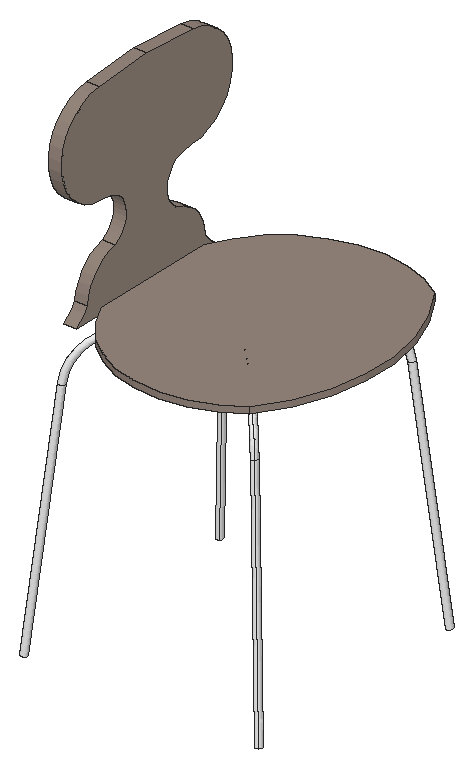
Revit family "Chair 1", category Furniture, Revit 2024
Family settings
  Work Plane-Based = No
  Enable Cutting in Views = No
  Always vertical = Yes
  Cut with Voids When Loaded = No
  Render Appearance Source = Family Geometry
  Shared = No
  Room Calculation Point = No
Parameters
  Keynote = "12600"
  Manufacturer = ""
  Default Elevation = 0 mm
  Bracket Material = Herman Miller - Finish 47 Trivalent Chrome
  Model = ""
  Cushion/Chair Back Material = Herman Miller - Veneer Z5 Maple
Reference planes
  plane 1 "Center F/B": y = -198.997
  plane 2: z = 0
  plane 3 "Center L/R": x = -1.022
Forms (mm)
  Sweep 1, solid, material "Herman Miller - Finish 47 Trivalent Chrome" <- "Bracket Material"
    path origin (61.052, -65.204, 45) x (0, 0, -1) y (0.707107, -0.707107, 0)
      loop
        line (45, -82.843) -> (-332.364, -36.508)
        arc (-332.364, -36.508) -> (-382.531, -10.114) -> (-402.615, 42.895) r 80
        line (-402.615, 42.895) -> (-402.615, 181.322)
    profile origin (18.855, -23.007, 188.682) x (-0.701836, 0.701836, 0.121869) y (-0.707107, -0.707107, 0)
      loop
        circle (0, 0) r 5
  Sweep 2, solid, material "Herman Miller - Finish 47 Trivalent Chrome" <- "Bracket Material"
    path origin (57.516, -325.168, 45) x (0, 0, -1) y (0.707107, 0.707107, 0)
      loop
        line (45, -82.843) -> (-332.364, -36.508)
        arc (-332.364, -36.508) -> (-382.531, -10.114) -> (-402.615, 42.895) r 80
        line (-402.615, 42.895) -> (-402.615, 181.322)
    profile origin (15.319, -367.364, 188.682) x (-0.701836, -0.701836, 0.121869) y (0.707107, -0.707107, 0)
      loop
        circle (0, 0) r 5
  Sweep 3, solid, material "Herman Miller - Finish 47 Trivalent Chrome" <- "Bracket Material"
    path origin (303.338, -65.204, 45) x (0, 0, -1) y (0.707107, 0.707107, 0)
      loop
        line (45, 82.843) -> (-332.364, 36.508)
        arc (-332.364, 36.508) -> (-382.531, 10.114) -> (-402.615, -42.895) r 80
        line (-402.615, -42.895) -> (-402.615, -181.322)
    profile origin (345.535, -23.007, 188.682) x (0.701836, 0.701836, 0.121869) y (-0.707107, 0.707107, 0)
      loop
        circle (0, 0) r 5
  Sweep 4, solid, material "Herman Miller - Finish 47 Trivalent Chrome" <- "Bracket Material"
    path origin (306.873, -325.168, 45) x (0, 0, -1) y (0.707107, -0.707107, 0)
      loop
        line (45, 82.843) -> (-332.364, 36.508)
        arc (-332.364, 36.508) -> (-382.531, 10.114) -> (-402.615, -42.895) r 80
        line (-402.615, -42.895) -> (-402.615, -181.322)
    profile origin (349.07, -367.364, 188.682) x (0.701836, -0.701836, 0.121869) y (0.707107, 0.707107, 0)
      loop
        circle (0, 0) r 5
  Extrusion 5, solid, material "Herman Miller - Veneer Z5 Maple" <- "Cushion/Chair Back Material"
    sketch origin (0, 0, 0) x (1, 0, 0) y (0, 1, 0)
      loop
        arc (340, -9.099) -> (152.776, 17.913) -> (32.728, -128.274) r 192.616
        line (32.728, -128.274) -> (32.728, -249.923)
        arc (32.728, -249.923) -> (152.776, -396.11) -> (340, -369.099) r 192.616
        arc (340, -369.099) -> (400.673, -189.099) -> (340, -9.099) r 297.34
    from 450 to 460
  Extrusion 6, solid, material "Herman Miller - Veneer Z5 Maple" <- "Cushion/Chair Back Material"
    sketch origin (390, -409.099, -27.081) x (0, 0, -1) y (0, 1, 0)
      loop
        arc (-498.809, 95.839) -> (-486.21, 86.065) -> (-477.081, 72.99) r 53.087
        line (-477.081, 72.99) -> (-477.081, 347.212)
        arc (-477.081, 347.212) -> (-486.21, 334.138) -> (-498.809, 324.364) r 53.087
        arc (-498.809, 324.364) -> (-539.073, 308.301) -> (-561.143, 270.989) r 67.175
        arc (-561.143, 270.989) -> (-601.737, 249.17) -> (-634.197, 281.887) r 38.521
        line (-634.197, 281.887) -> (-636.604, 298.938)
        arc (-636.604, 298.938) -> (-714.694, 376.726) -> (-796.127, 302.444) r 79.872
        line (-796.127, 302.444) -> (-802.584, 210.101) -> (-796.127, 117.759)
        arc (-796.127, 117.759) -> (-714.694, 43.477) -> (-636.604, 121.265) r 79.872
        line (-636.604, 121.265) -> (-634.197, 138.316)
        arc (-634.197, 138.316) -> (-601.737, 171.033) -> (-561.143, 149.213) r 38.521
        arc (-561.143, 149.213) -> (-539.073, 111.901) -> (-498.809, 95.839) r 67.175
    from -367.272 to -347.272
Dimensions and locks
  aligned and locked: plane 1 "Center F/B" to Extrusion 6
